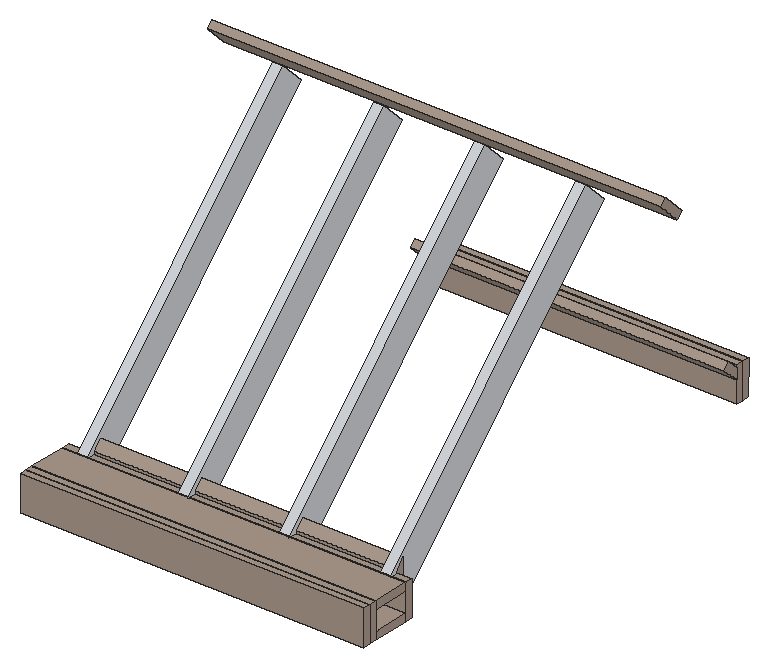
Revit family
Parameters
  wand_dikte [instance] = 0' - 5.51181"
  sparing_hoogte [instance] = 8' - 4.25913"
  sparing_breedte [instance] = 0' - 0"
  ravelinglijn [instance] = if(raveling, 0' 11.49606", 0' 1.41732")  # 0' - 11.49606"
  raveling [instance] = yes
  overstek_breedte [instance] = wand_dikte + overstek  # 1' - 1.38583"
  overstek [instance] = 0' - 7.87402"
  kozijnondersteuning_hoogte [instance] = 0' - 4.13386"
  kozijn_hoogte [instance] = 3' - 11.24409"
  kozijn_breedte [instance] = 4' - 11.05512"
  kaphelling [instance] = 45.00°
  eindbalklengte [instance] = if(kaphelling > 51.00°, 0' 9.25197", 0' 7.24409")  # 0' - 7.24409"
  dakbalk_lengte [instance] = 6' - 8.3024"
  beam.Spacing = 1' - 4"
  beam.Array [instance] = 4
  Width = 0' - 7.87402"
  Height = 0' - 7.24409"
  Beam.Width = 0' - 2"
  Beam.Length = -5' - 8"
  Beam.Depth = 0' - 6"
Reference planes (in)
  plane 1 "Center (Front/Back)": y = 0
  plane 2 "Roof": z = 118.11024
  plane 3 "Center (Left/Right)": x = 0
  plane 4: y = 50.12956
  plane 5: y = -50.12956
  plane 6: x = -30
  plane 7: x = 30
  plane 8: z = 118.60236
  plane 9: z = 122.69685
  plane 10: x = -32.83465
  plane 11: x = 32.83465
  plane 12: x = -29.52756
  plane 13: x = 29.52756
  plane 14: x = -43.38583
  plane 15: x = 43.38583
Forms (in)
  Extrusion 1, solid
    sketch origin (0, 0, 0) x (0, 1, 0) y (0, 0, 1)
      loop
        line (47.20648, 125.61993) -> (50.12956, 122.69685) -> (50.12956, 124.8126) -> (48.26436, 126.67781) -> (47.20648, 125.61993)
    from -30 to 30
  Extrusion 2, solid
    sketch origin (0, 0, 0) x (0, 1, 0) y (0, 0, 1)
      loop
        line (16.38888, 173.41923) -> (15.331, 172.36136) -> (19.22844, 168.46392) -> (20.28632, 169.5218) -> (16.38888, 173.41923)
    from -43.38583 to 43.38583
  Extrusion 3, solid
    sketch origin (0, 0, 0) x (0, 1, 0) y (0, 0, 1)
      loop
        line (51.54689, 125.33465) -> (50.12956, 125.33465) -> (50.12956, 118.60236) -> (51.54689, 118.60236) -> (51.54689, 125.33465)
    from -30 to 30
  Extrusion 4, solid
    sketch origin (0, 1.41732, 0) x (0, 1, 0) y (0, 0, 1)
      loop
        line (51.54689, 125.33465) -> (50.12956, 125.33465) -> (50.12956, 118.60236) -> (51.54689, 118.60236) -> (51.54689, 125.33465)
    from -30 to 30
  Extrusion 5, solid
    sketch origin (0, -8.75837, 6.39764) x (0, 1, 0) y (0, 0, 1)
      loop
        line (-22.36687, 118.93701) -> (-23.78419, 118.93701) -> (-23.78419, 112.20472) -> (-22.36687, 112.20472) -> (-22.36687, 118.93701)
    from -32.83465 to 32.83465
  Extrusion 6, solid, visible <- "raveling"
    sketch origin (0, -17.05403, 7.48031) x (0, 1, 0) y (0, 0, 1)
      loop
        line (-24.14995, 117.85433) -> (-25.56727, 117.85433) -> (-25.56727, 111.12205) -> (-24.14995, 111.12205) -> (-24.14995, 117.85433)
    from -32.83465 to 32.83465
  Extrusion 7, solid, visible <- "raveling"
    sketch origin (0, -14.66389, 6.49606) x (0, 1, 0) y (0, 0, 1)
      loop
        line (-25.12277, 118.83858) -> (-26.5401, 118.83858) -> (-26.5401, 112.1063) -> (-25.12277, 112.1063) -> (-25.12277, 118.83858)
    from -32.83465 to 32.83465
  Extrusion 8, solid, visible <- "raveling"
    sketch origin (0, 0, 0) x (0, 1, 0) y (0, 0, 1)
      loop
        line (-32.54257, 125.33465) -> (-39.78666, 125.33465) -> (-39.78666, 123.83858) -> (-32.54257, 123.83858) -> (-32.54257, 125.33465)
    from -32.83465 to 32.83465
  Extrusion 9, solid, visible <- "raveling"
    sketch origin (0, -1.77165, -3.06859) x (0, 1, 0) y (0, 0, 1)
      loop
        line (-30.77091, 123.16702) -> (-38.01501, 123.16702) -> (-38.01501, 121.67096) -> (-30.77091, 121.67096) -> (-30.77091, 123.16702)
    from -32.83465 to 32.83465
  Extrusion 10, solid
    sketch origin (0, 0, 0) x (0, 1, 0) y (0, 0, 1)
      loop
        line (-29.62918, 127.40118) -> (-31.12524, 125.90511) -> (-31.12524, 120.15708) -> (-29.62918, 120.15708) -> (-29.62918, 127.40118)
    from -30 to 30
  Extrusion 11, void
    sketch origin (0, 0, 118.11024) x (1, 0, 0) y (0, 1, 0)
      loop
        line (-32.83465, -31.12524) -> (-32.83465, -42.62131) -> (-30, -42.62131) -> (-30, -31.12524) -> (-32.83465, -31.12524)
    from 0.49213 to 7.22441
  Extrusion 12, void
    sketch origin (0, 0, 118.11024) x (1, 0, 0) y (0, 1, 0)
      loop
        line (-30, 52.96421) -> (-30, -31.12524) -> (-32.83465, -31.12524) -> (-32.83465, -42.62131) -> (32.83465, -42.62131) -> (32.83465, -31.12524) -> (30, -31.12524) -> (30, 52.96421) -> (-30, 52.96421)
    from 0.49213 to 7.22441
  Extrusion 13, void
    sketch origin (0, 0, 0) x (0, 1, 0) y (0, 0, 1)
      loop
        line (50.12956, 118.60236) -> (-31.12524, 118.60236) -> (-31.12524, 118.11024) -> (50.12956, 118.11024) -> (50.12956, 118.60236)
    from -30 to 30
  Extrusion 14, solid, not visible
    sketch origin (0, 0, 0) x (0, 1, 0) y (0, 0, 1)
      loop
        line (15.331, 172.36136) -> (-29.62918, 127.40118) -> (-29.62918, 119.6063) -> (19.22844, 168.46392) -> (15.331, 172.36136)
    from 0 to 1.49606
Cuts and joins
  Extrusion 11 cuts Extrusion 10
  Extrusion 13 cuts Extrusion 3
  Extrusion 13 cuts Extrusion 5
Lines and regions (in)
  reference lines
    curve 1: line (0, 50.12956, 122.69685) -> (0, -17.79723, 190.62364)
    curve 2: line (0, 47.20648, 125.61993) -> (0, 52.77425, 131.1877)
    curve 3: line (0, 46.20428, 126.62213) -> (0, 51.77205, 132.1899)
    curve 4: line (0, 12.79767, 160.02875) -> (0, 19.44682, 166.67791)
    curve 5: line (0, -32.16165, 117.07383) -> (0, 20.28632, 169.5218)
    curve 6: line (0, 53.05264, 125.61993) -> (0, -14.59244, 193.26501)
    curve 7: line (0, 55.11957, 134.68854) -> (0, -6.34681, 196.15493)
    curve 8: line (0, -31.12524, 118.11024) -> (0, -31.12524, 137.00787)
    curve 9: line (0, -42.62131, 137.00787) -> (0, -42.62131, 118.11024)
    curve 10: line (0, -29.62918, 118.11024) -> (0, -29.62918, 137.00787)
Dimensions and locks (in)
  equal spacing: host sketch curve, plane 3 "Center (Left/Right)", host sketch curve
  equal spacing: host sketch curve, plane 1 "Center (Front/Back)", host sketch curve
  equal spacing: plane 6, plane 3 "Center (Left/Right)", plane 7
  locked: plane 8 to level at 0.49213
  locked: plane 9 to plane 8 at 4.09449
  "kozijnondersteuning_hoogte": curve 2 to curve 1
  locked: Extrusion 1 sketch curve to Extrusion 1 sketch curve at 1.49606
  locked: curve 5 to curve 4 at 1.41732
  locked: curve 3 to curve 2 at 1.41732
  "kozijn_hoogte": curve 4 to curve 3
  locked: curve 1 to curve 6 at 4.13386
  "overstek": curve 6 to curve 7
  locked: Extrusion 2 sketch curve to Extrusion 2 sketch curve at 1.49606
  locked: Extrusion 2 sketch curve to Extrusion 2 sketch curve at 5.51181
  locked: Extrusion 3 sketch curve to Extrusion 3 sketch curve at 1.41732
  locked: Extrusion 3 sketch curve to Extrusion 3 sketch curve at 6.73228
  locked: Extrusion 4 sketch curve to Extrusion 4 sketch curve at 1.41732
  locked: Extrusion 4 sketch curve to Extrusion 4 sketch curve at 6.73228
  locked: Extrusion 5 sketch curve to Extrusion 5 sketch curve at 1.41732
  locked: Extrusion 5 sketch curve to Extrusion 5 sketch curve at 6.73228
  "ravelinglijn": curve 8 to curve 9
  locked: Extrusion 6 sketch curve to Extrusion 6 sketch curve at 1.41732
  locked: Extrusion 6 sketch curve to Extrusion 6 sketch curve at 6.73228
  locked: Extrusion 7 sketch curve to Extrusion 7 sketch curve at 1.41732
  locked: Extrusion 7 sketch curve to Extrusion 7 sketch curve at 6.73228
  locked: Extrusion 8 sketch curve to Extrusion 8 sketch curve at 1.49606
  locked: Extrusion 8 sketch curve to Extrusion 8 sketch curve at 7.24409
  locked: Extrusion 9 sketch curve to Extrusion 9 sketch curve at 1.49606
  locked: Extrusion 9 sketch curve to Extrusion 9 sketch curve at 7.24409
  locked: curve 10 to curve 8 at 1.49606
  locked: Extrusion 10 sketch curve to Extrusion 10 sketch curve at 1.49606
  "eindbalklengte": Extrusion 10 sketch curve to Extrusion 10 sketch curve
  plane 10 to plane 6 = 0' - 2.83465"
  plane 7 to plane 11 = 0' - 2.83465"
  plane 6 to plane 12 = 0' - 0.47244"
  plane 13 to plane 7 = 0' - 0.47244"
  "kozijn_breedte": plane 12 to plane 13
  "overstek_breedte": plane 14 to plane 6
  "overstek_breedte": plane 7 to plane 15
  locked: Extrusion 14 sketch curve to Extrusion 14 sketch curve at 5.51181
  equal spacing: group 2, group 4, group 5, group 3  (x3)
  "kaphelling": angle curve 1 to plane 4
  aligned and locked: level to plane 2 "Roof"
  aligned and locked: plane 4 to curve 1
  aligned and locked: plane 9 to curve 1
  aligned and locked: Extrusion 1 sketch curve to curve 1
  aligned and locked: Extrusion 1 sketch curve to curve 2
  aligned and locked: plane 4 to Extrusion 1 sketch curve
  aligned and locked: Extrusion 1 to plane 6
  aligned and locked: Extrusion 1 to plane 7
  aligned and locked: Extrusion 2 sketch curve to curve 7
  aligned and locked: Extrusion 2 sketch curve to curve 5
  aligned: Extrusion 2 to plane 6
  aligned: Extrusion 2 to plane 7
  aligned and locked: Extrusion 3 to plane 8
  aligned and locked: plane 4 to Extrusion 3
  aligned and locked: Extrusion 4 to plane 6
  aligned and locked: Extrusion 3 to plane 6
  aligned and locked: Extrusion 4 to plane 7
  aligned and locked: Extrusion 3 to plane 7
  aligned: plane 8 to Extrusion 5 sketch curve
  aligned and locked: Extrusion 5 to curve 8
  aligned and locked: Extrusion 5 to plane 8
  aligned and locked: Extrusion 6 to curve 9
  aligned and locked: Extrusion 6 to plane 8
  aligned and locked: Extrusion 7 to plane 8
  aligned and locked: Extrusion 7 to Extrusion 6
  aligned and locked: host roof to Extrusion 8
  aligned and locked: Extrusion 8 to Extrusion 5
  aligned and locked: Extrusion 9 to plane 8
  aligned and locked: Extrusion 9 to Extrusion 5
  aligned: Extrusion 8 to plane 6
  aligned: Extrusion 5 to plane 6
  aligned: Extrusion 7 to plane 6
  aligned: Extrusion 6 to plane 6
  aligned: Extrusion 5 to plane 7
  aligned: Extrusion 8 to plane 7
  aligned: Extrusion 7 to plane 7
  aligned: Extrusion 6 to plane 7
  aligned and locked: curve 8 to Extrusion 10 sketch curve
  aligned and locked: Extrusion 10 to plane 6
  aligned and locked: Extrusion 10 to plane 7
  aligned and locked: Extrusion 8 to plane 10
  aligned and locked: plane 11 to Extrusion 8
  aligned and locked: Extrusion 5 to Extrusion 8  (x2)
  aligned and locked: Extrusion 7 to Extrusion 8
  aligned and locked: Extrusion 6 to Extrusion 8  (x2)
  aligned and locked: Extrusion 9 to Extrusion 8  (x2)
  aligned and locked: plane 11 to Extrusion 7
  aligned and locked: Extrusion 11 sketch curve to plane 6
  aligned and locked: Extrusion 11 sketch curve to Extrusion 6
  aligned and locked: Extrusion 11 sketch curve to Extrusion 5
  aligned and locked: Extrusion 11 sketch curve to Extrusion 8
  aligned and locked: host roof to Extrusion 11
  aligned and locked: Extrusion 11 to plane 8
  aligned and locked: host roof to Extrusion 12
  aligned and locked: Extrusion 12 to plane 8
  aligned and locked: Extrusion 12 sketch curve to plane 10
  aligned and locked: plane 11 to Extrusion 12 sketch curve
  aligned and locked: Extrusion 12 to curve 9
  aligned and locked: Extrusion 12 to Extrusion 5
  aligned and locked: Extrusion 12 sketch curve to Extrusion 12 sketch curve
  aligned and locked: Extrusion 12 sketch curve to plane 6
  aligned and locked: Extrusion 12 sketch curve to plane 7
  aligned and locked: Extrusion 12 sketch curve to Extrusion 4
  aligned and locked: level to Extrusion 13 sketch curve
  aligned and locked: Extrusion 13 sketch curve to plane 8
  aligned and locked: plane 4 to Extrusion 13 sketch curve
  aligned and locked: Extrusion 13 sketch curve to curve 8
  aligned and locked: Extrusion 13 to plane 6
  aligned and locked: Extrusion 13 to plane 7
  aligned and locked: Extrusion 2 to plane 14
  aligned and locked: plane 15 to Extrusion 2
  aligned and locked: nested 2 to plane 7
  aligned and locked: nested 1 to plane 6
Automatic sketch dimensions
  curve 9 to plane 2 "Roof" = 0' - 0"
  curve 8 to plane 2 "Roof" = 0' - 0"
  curve 10 to plane 2 "Roof" = 0' - 0"
  curve 5 to plane 2 "Roof" = 0' - 1.03641"
  curve 1 to curve 6 = 0' - 3.20479"
  plane 1 "Center (Front/Back)" to curve 7 = 0' - 6.34681"
  curve 4 to curve 5 = 0' - 0.83949"
  curve 3 to plane 4 = 0' - 1.64249"
  curve 3 to curve 2 = 0' - 1.0022"
  curve 6 to plane 4 = 0' - 2.92308"
  curve 7 to plane 4 = 0' - 4.99001"
  plane 9 to curve 8 = 1' - 2.31102"
  curve 8 to curve 10 = 0' - 0"
  curve 9 to curve 8 = 0' - 0"
  Extrusion 3 sketch curve to plane 4 = 0' - 0"
  Extrusion 3 sketch curve to plane 8 = 0' - 0"
  Extrusion 4 sketch curve to plane 8 = 0' - 0"
  Extrusion 4 sketch curve to plane 4 = 0' - 1.41732"
  Extrusion 5 sketch curve to plane 5 = 1' - 5.587"
  Extrusion 6 sketch curve to plane 8 = 0' - 0"
  Extrusion 6 sketch curve to plane 5 = 0' - 7.50826"
  Extrusion 7 sketch curve to plane 8 = 0' - 0"
  Extrusion 7 sketch curve to plane 5 = 0' - 8.92558"
  Extrusion 8 sketch curve to plane 5 = 0' - 10.3429"
  plane 9 to Extrusion 8 sketch curve = 0' - 1.14173"
  Extrusion 9 sketch curve to plane 8 = 0' - 0"
  Extrusion 9 sketch curve to plane 5 = 0' - 10.3429"
  Extrusion 12 sketch curve to plane 5 = 1' - 7.00432"
  Extrusion 12 sketch curve to plane 5 = 0' - 7.50826"
  Extrusion 14 sketch curve to Extrusion 14 sketch curve = 3' - 8.96018"
  Extrusion 14 sketch curve to Extrusion 14 sketch curve = 0' - 3.89744"
  plane 8 to Extrusion 10 sketch curve = 0' - 1.55472"
  Extrusion 10 sketch curve to Extrusion 10 sketch curve = 0' - 1.49606"
Nested families (in)
  nested 1: "Family1" at (-29, -31.7505, 121.72762) x (-1, 0, 0) z (0, 0, 1), type "Family1"
    with Beam.Width 0' - 2", Beam.Pitch 45.00°, Beam.Length -5' - 8", Beam.Height 0' - 6"
  nested 2: "Family1" at (29, -31.7505, 121.72762) x (-1, 0, 0) z (0, 0, 1), type "Family1"
    with Beam.Width 0' - 2", Beam.Pitch 45.00°, Beam.Length -5' - 8", Beam.Height 0' - 6"
  nested 3: "Family1" at (-9.66667, -31.7505, 121.72762) x (-1, 0, 0) z (0, 0, 1), type "Family1"
    with Beam.Width 0' - 2", Beam.Pitch 45.00°, Beam.Length -5' - 8", Beam.Height 0' - 6"
  nested 4: "Family1" at (9.66667, -31.7505, 121.72762) x (-1, 0, 0) z (0, 0, 1), type "Family1"
    with Beam.Width 0' - 2", Beam.Pitch 45.00°, Beam.Length -5' - 8", Beam.Height 0' - 6"
Definition of nested family "Family1"
  Parameters (values of type "Family1")
    Beam.Width = 1' - 0"
    Beam.Pitch = 30.00°
    Beam.Length = -4' - 0"
    Beam.Height = 1' - 0"
  Reference planes (in)
    plane 1 "Center (Front/Back)": y = 0
    plane 2: z = 0
    plane 3 "Center (Left/Right)": x = 0
  Forms (in)
    Extrusion 1, solid
      sketch origin (0, 0, 0) x (1, 0, 0) y (0, -0.5, -0.866025)
        loop
          line (-6, 6) -> (-6, -6) -> (6, -6) -> (6, 6) -> (-6, 6)
      from 0 to -48 <- "Beam.Length"
  Lines and regions (in)
    reference lines
      curve 1: line (0, 0, 0) -> (0, -72.74613, 42)
  Dimensions and locks (in)
    equal spacing: Extrusion 1 sketch curve, curve 1, Extrusion 1 sketch curve  (x2)
    "Beam.Width": Extrusion 1 sketch curve to Extrusion 1 sketch curve
    "Beam.Height": Extrusion 1 sketch curve to Extrusion 1 sketch curve
    "Beam.Pitch": angle level to curve 1
    aligned and locked: plane 2 to level
    aligned and locked: plane 1 "Center (Front/Back)" to curve 1
    aligned and locked: level to curve 1
